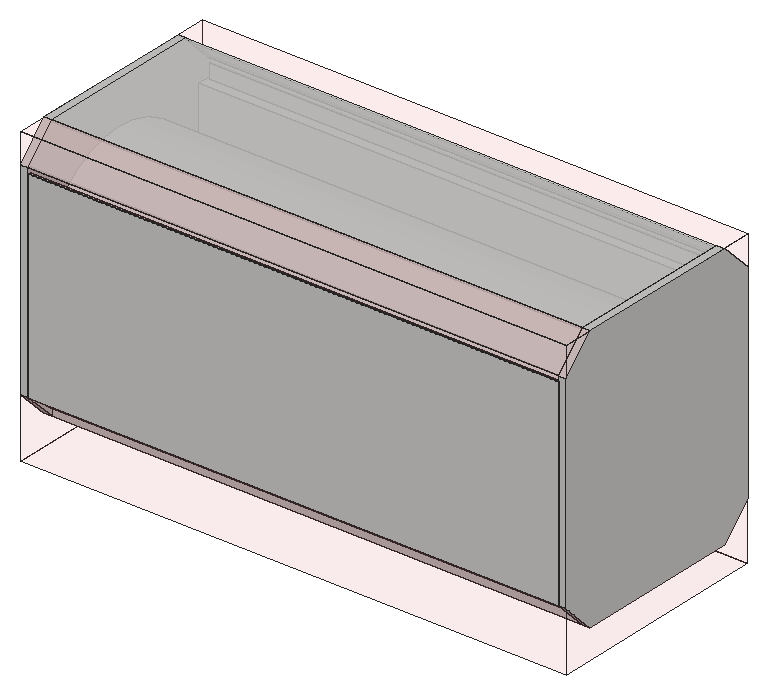
Revit family "Air-Curtain_Climate-Control_PoweredAire_ETD", category Mechanical Equipment, host Face, Revit 2018
Family settings
  Host = Face
  Round Connector Dimension = Use Diameter
  Part Type = Normal
  OmniClass Number = 23.75.35.17.21
  OmniClass Title = Air Curtains
  Cut with Voids When Loaded = No
  Shared = No
  Room Calculation Point = No
Parameters
  Warranty Duration (Years) = 0
  Unit Width Notes = "Other Widths available."  # constant formula
  Unit Width = 3' - 0"
  Unit Weight = 0
  Unit Height = 1' - 3"
  Unit Depth = 1' - 5 1/2"
  URL = "http://www.poweredaire.com/"
  Test Data = ""
  Temperature Rise_Range = "as Specified"
  Standards Conformance = "as Specified"
  Specification = "http://www.arcat.com/sdspecs/htm04/23_34_33pai.htm"
  SpecWizard = ""
  Sound Pressure = "as Specified"
  Sales Information = "http://www.poweredaire.com/contact_us"
  Revision = "R1_2016-08"
  Projection from Host [instance] = 0' - 2"
  Product Properties = ""
  Product Data = "http://www.arcat.com/arcatcos/cos47/arc47623.html"
  Power Rating = 0 W
  Outlet Volume_Range = "as Specified"
  Outlet Velocity_Range = "as Specified"
  Nozzle Width = if(1 = 1, Unit Width - 0' 1", 0' 0")  # 2' - 11"
  Mounting Width = if(1 = 1, Unit Width - 0' 0 15/16", 0' 0")  # 2' - 11 1/16"
  Mounting Height [instance] = 3' - 6"
  Motor RPM = 0
  Motor HP = 0
  Motor Count = 0
  Model = "As Specified"
  Max Height = 0' - 0"
  Manufacturer Website = "http://www.poweredaire.com/"
  Manufacturer Phone - Toll Free = "888-321-2473"
  Manufacturer Phone = "724-588-3305"
  Manufacturer Fax = "724-588-3371"
  Manufacturer Address = "109 Mortensen Rd.  Greenville, PA 16125"
  Manufacturer = "Powered Aire, Inc"
  Maintenance Schedule (Months) = 0
  Keynote = "23 34 33"
  Installation-Fabrication = ""
  Installation Phase = ""
  Include Clearance [instance] = yes
  Heating Element Load = 0 W
  HVAC_Temperature Rise [instance] = 0 °F
  HVAC_Outlet Volume [instance] = 0 CFM
  HVAC_Outlet Velocity Uniformity = 0
  HVAC_Outlet Velocity [instance] = 0 FPM
  Green Building-LEED = "http://www.arcat.com/green/clients/leed_data_47623.html"
  Front Grating Material [instance] = Metal - Steel - PoweredAire - Stainless 304 Perforated
  Frame Finish [instance] = Metal - Steel - PoweredAire - Stainless 304
  Expected Lifespan (Years) = 0
  Electrical_Wattage [instance] = Power Rating + Heating Element Load  # 0 W
  Electrical_Voltage [instance] = 0 V
  Electrical_Phase [instance] = 1
  Electrical_Frequency [instance] = 0 Hz
  Electrical_Amperage [instance] = 0 A
  Drawn By = "Sumex Design, Inc. / Robert S. Weygant, CSI, CDT, SCIP"
  Description = "Powered Aire Air Curtain as Specified"
  Default Elevation = 0' - 0"  # constant formula
  Copyright = "©Arcat Inc."
  Construction Details = "http://www.arcat.com/details/powair/prod3336.html"
  Clearance_Top [instance] = 0' - 0"
  Clearance_Side B [instance] = 0' - 0"
  Clearance_Side A [instance] = 0' - 0"
  Clearance_Intake [instance] = 0' - 0"
  Clearance_Bottom [instance] = 0' - 0"
  Clearance Material [instance] = ARCAT Clearance
  Building Codes = ""
  Available Options [instance] = "as Specified"
  Assembly Code = "D3090400"
Reference planes (in)
  plane 1 "Center (Elevation)": y = 0.13818
  plane 2: z = 0
  plane 3 "Center (Left/Right)": x = 0
  plane 4: y = 7.63818
  plane 5: y = -7.36182
  plane 6: x = -18
  plane 7: x = 18
  plane 8: z = 19.5
  plane 9 "FF": y = -41.86182
  plane 10: z = 2
  plane 11: x = 17.5
  plane 12: x = -17.5
  plane 13: y = 7.63818
  plane 14: y = -7.36182
  plane 15: x = -18
  plane 16: x = 18
  plane 17: z = 19.5
Forms (in)
  Extrusion 1, solid, material "Metal - Steel - PoweredAire - Stainless 304" <- "Frame Finish"
    sketch origin (0, 0, 0) x (0, 1, 0) y (0, 0, 1)
      loop
        line (5.69363, 2) -> (7.63818, 3.94454) -> (7.63818, 17.55546) -> (5.69363, 19.5) -> (-5.41728, 19.5) -> (-7.36182, 17.55546) -> (-7.36182, 3.94454) -> (-5.41728, 2) -> (5.69363, 2)
    from 17.5 to 18
  Extrusion 2, solid, material "Metal - Steel - PoweredAire - Stainless 304" <- "Frame Finish"
    sketch origin (0, 0, -0.5) x (0, 1, 0) y (0, 0, 1)
      loop
        circle (0.13818, 10.9739) r 6.25
      loop
        line (6.63818, 16.89427) -> (6.63818, 5.87829) -> (7.33849, 5.87829) -> (7.33849, 16.89427) -> (6.63818, 16.89427)
      loop
        line (-7.02798, 16.76927) -> (-7.02798, 5.75329) -> (-6.36182, 5.75329) -> (-6.36182, 16.76927) -> (-7.02798, 16.76927)
    from -17.5 to 17.5
  Extrusion 3, solid, material "Metal - Steel - PoweredAire - Stainless 304" <- "Frame Finish"
    sketch origin (0, 0, 0) x (0, 1, 0) y (0, 0, -1)
      loop
        line (5.69363, -2) -> (-5.41728, -2) -> (-7.36182, -3.94454) -> (-7.36182, -17.55546) -> (-5.41728, -19.5) -> (5.69363, -19.5) -> (7.63818, -17.55546) -> (7.63818, -3.94454) -> (5.69363, -2)
    from 17.5 to 18
  Extrusion 4, solid, material "Metal - Steel - PoweredAire - Stainless 304" <- "Frame Finish"
    sketch origin (0, 0, 0) x (0, 1, 0) y (0, 0, 1)
      loop
        line (-5.41728, 2) -> (5.69363, 2) -> (7.63818, 3.94454) -> (7.63818, 17.19454) -> (7.51318, 17.19454) -> (7.51318, 3.99632) -> (5.64186, 2.125) -> (-5.29228, 2.125) -> (-5.29228, 4.06954) -> (-7.23682, 4.06954) -> (-7.23682, 17.19454) -> (-7.36182, 17.19454) -> (-7.36182, 3.94454) -> (-5.41728, 3.94454) -> (-5.41728, 2)
      loop
        line (-6.64819, 3.61034) -> (-5.8702, 2.83235) -> (-5.74472, 2.95783) -> (-6.52271, 3.73583) -> (-6.64819, 3.61034)
    from -17.5 to 17.5
  Extrusion 5, solid, material "Metal - Steel - PoweredAire - Stainless 304 Perforated" <- "Front Grating Material"
    sketch origin (0, 0, 0) x (0, 1, 0) y (0, 0, 1)
      loop
        line (-7.36182, 17.19454) -> (-7.23682, 17.19454) -> (-7.23682, 17.50368) -> (-5.3655, 19.375) -> (5.64186, 19.375) -> (7.51318, 17.50368) -> (7.51318, 17.19454) -> (7.63818, 17.19454) -> (7.63818, 17.55546) -> (5.69363, 19.5) -> (-5.41728, 19.5) -> (-7.36182, 17.55546) -> (-7.36182, 17.19454)
    from -17.5 to 17.5
  Extrusion 6, solid, material "ARCAT Clearance" <- "Clearance Material", visible <- "Include Clearance"
    sketch origin (0, 0, 0) x (0, 1, 0) y (0, 0, 1)
      loop
        line (-7.36182, 19.5) -> (-7.36182, 0) -> (7.63818, 0) -> (7.63818, 19.5) -> (-7.36182, 19.5)
    from -18 to 18
Dimensions and locks (in)
  equal spacing: plane 4, plane 1 "Center (Elevation)", plane 5
  "Unit Height": plane 4 to plane 5
  equal spacing: plane 6, plane 3 "Center (Left/Right)", plane 7
  "Unit Width": plane 6 to plane 7
  "Mounting Height": plane 1 "Center (Elevation)" to plane 9 "FF"
  "Projection from Host": plane 10 to level
  "Unit Depth": plane 8 to plane 10
  locked: plane 6 to plane 12 at 0.5
  locked: plane 11 to plane 7 at 0.5
  "Clearance_Side A": plane 7 to plane 16
  "Clearance_Side B": plane 15 to plane 6
  "Clearance_Top": plane 13 to plane 4
  "Clearance_Bottom": plane 5 to plane 14
  "Clearance_Intake": plane 17 to plane 8
  aligned and locked: plane 2 to host face
  aligned and locked: level to host face
  aligned and locked: plane 7 to Extrusion 1
  aligned and locked: Extrusion 1 to plane 11
  aligned and locked: plane 12 to Extrusion 3
  aligned and locked: Extrusion 3 to plane 6
  aligned and locked: Extrusion 2 to plane 12
  aligned and locked: plane 11 to Extrusion 2
  aligned and locked: plane 11 to Extrusion 4
  aligned and locked: Extrusion 4 to plane 12
  aligned and locked: plane 11 to Extrusion 5
  aligned and locked: Extrusion 5 to plane 12
  aligned and locked: Extrusion 6 sketch curve to plane 17
  aligned and locked: plane 14 to Extrusion 6 sketch curve
  aligned and locked: level to Extrusion 6 sketch curve
  aligned and locked: Extrusion 6 sketch curve to plane 13
  aligned and locked: plane 16 to Extrusion 6
  aligned and locked: Extrusion 6 to plane 15
Automatic sketch dimensions
  host sketch curve to host sketch curve = 8' - 0"  (x2)
  Extrusion 1 sketch curve to plane 5 = 0' - 0"
  Extrusion 1 sketch curve to plane 8 = 0' - 0"
  Extrusion 1 sketch curve to plane 10 = 0' - 0"
  Extrusion 1 sketch curve to plane 4 = 0' - 0"
  plane 5 to Extrusion 1 sketch curve = 0' - 1.94454"  (x2)
  Extrusion 1 sketch curve to plane 4 = 0' - 1.94454"  (x2)
  plane 10 to Extrusion 1 sketch curve = 0' - 1.94454"  (x2)
  Extrusion 1 sketch curve to plane 8 = 0' - 1.94454"  (x2)
  Extrusion 2 sketch curve to plane 1 "Center (Elevation)" = 0' - 0"
  plane 5 to Extrusion 2 sketch curve = 0' - 1"
  plane 5 to Extrusion 2 sketch curve = 0' - 0.33384"
  Extrusion 2 sketch curve to plane 4 = 0' - 1"
  Extrusion 2 sketch curve to plane 4 = 0' - 0.29969"
  plane 10 to Extrusion 2 sketch curve = 0' - 3.37829"
  plane 10 to Extrusion 2 sketch curve = 0' - 3.25329"
  Extrusion 2 sketch curve to plane 8 = 0' - 9.0261"
  Extrusion 2 sketch curve to plane 8 = 0' - 3.23073"
  Extrusion 2 sketch curve to plane 8 = 0' - 3.10573"
  Extrusion 3 sketch curve to plane 5 = 0' - 0"
  Extrusion 3 sketch curve to plane 8 = 0' - 0"
  Extrusion 3 sketch curve to plane 10 = 0' - 0"
  Extrusion 3 sketch curve to plane 4 = 0' - 0"
  plane 5 to Extrusion 3 sketch curve = 0' - 1.94454"  (x2)
  Extrusion 3 sketch curve to plane 4 = 0' - 1.94454"  (x2)
  Extrusion 3 sketch curve to plane 8 = 0' - 1.94454"  (x2)
  plane 10 to Extrusion 3 sketch curve = 0' - 1.94454"  (x2)
  Extrusion 4 sketch curve to plane 5 = 0' - 0"
  Extrusion 4 sketch curve to plane 10 = 0' - 0"
  Extrusion 4 sketch curve to plane 4 = 0' - 0"
  plane 5 to Extrusion 4 sketch curve = 0' - 0 1/8"
  plane 5 to Extrusion 4 sketch curve = 0' - 0.71363"
  Extrusion 4 sketch curve to Extrusion 4 sketch curve = 0' - 0.12548"  (x2)
  Extrusion 4 sketch curve to Extrusion 4 sketch curve = 0' - 0.778"
  Extrusion 4 sketch curve to Extrusion 4 sketch curve = 0' - 0.32744"
  Extrusion 4 sketch curve to Extrusion 4 sketch curve = 0' - 0 1/8"  (x2)
  plane 10 to Extrusion 4 sketch curve = 0' - 0 1/8"
  Extrusion 4 sketch curve to plane 4 = 0' - 1.99632"
  Extrusion 4 sketch curve to Extrusion 4 sketch curve = 0' - 0.05178"  (x2)
  plane 10 to Extrusion 4 sketch curve = 0' - 0.83235"
  plane 10 to Extrusion 4 sketch curve = 0' - 1.94454"
  Extrusion 4 sketch curve to Extrusion 4 sketch curve = 0' - 0.3342"
  Extrusion 4 sketch curve to plane 4 = 0' - 0 1/8"
  Extrusion 4 sketch curve to plane 8 = 0' - 2.30546"  (x2)
  Extrusion 5 sketch curve to plane 5 = 0' - 0"
  Extrusion 5 sketch curve to plane 8 = 0' - 0"
  Extrusion 5 sketch curve to plane 4 = 0' - 0"
  plane 5 to Extrusion 5 sketch curve = 0' - 0 1/8"
  plane 5 to Extrusion 5 sketch curve = 0' - 1.94454"
  Extrusion 5 sketch curve to plane 8 = 0' - 0 1/8"
  Extrusion 5 sketch curve to Extrusion 5 sketch curve = 0' - 0.05178"  (x4)
  Extrusion 5 sketch curve to plane 4 = 0' - 1.99632"
  Extrusion 5 sketch curve to plane 8 = 0' - 1.94454"  (x2)
  Extrusion 5 sketch curve to Extrusion 5 sketch curve = 0' - 0 1/8"
  Extrusion 5 sketch curve to Extrusion 5 sketch curve = 0' - 0.30914"  (x2)
  radius of Extrusion 2 sketch curve = 0' - 6 1/4"
Connectors (in)
  electrical at (0, 7.63818, 10.56954), driven by "Electrical_Phase", driven by "Electrical_Voltage"
    settings: on Extrusion 4, index 1, voltage 0 V, apparent load 0 VA, apparent load phase1 0 VA, apparent load phase2 0 VA, apparent load phase3 0 VA, power factor 1, load classification "Motor", number of poles 1, system type 31, power factor state 1, is connector primary yes, connector utility no, sub classification motor no, connector description ""
